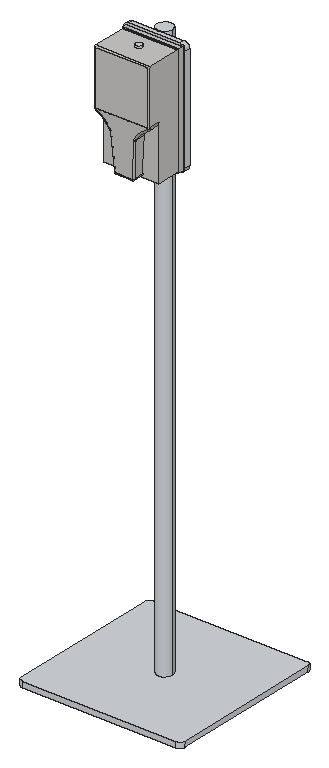
Revit family "ASI_Hand_Sanitizer_Dispenser_Stand_FS-0300", category Specialty Equipment, Revit 2020
Family settings
  Round Connector Dimension = Use Diameter
  Part Type = Normal
  Work Plane-Based = No
  Always vertical = Yes
  Cut with Voids When Loaded = No
  Shared = No
  Room Calculation Point = No
Parameters
  URL = "http://www.americanspecialties.com/viewCategories.cfm"
  Specification [instance] = "http://www.arcat.com/sdspecs/htm/10810asi.htm"
  SpecWizard [instance] = ""
  Sales Information [instance] = "https://americanspecialties.com/contact-us/"
  Product Data [instance] = "http://www.arcat.com/arcatcos/cos30/arc30448.html"
  Model = "FS-0300"
  Manufacturer Website [instance] = "http://www.americanspecialties.com/viewCategories.cfm"
  Manufacturer Phone - Toll Free [instance] = ""
  Manufacturer Phone [instance] = "914-476-9000"
  Manufacturer Fax [instance] = "914-476-0688"
  Manufacturer Email [instance] = ""
  Manufacturer Address [instance] = "441 Saw Mill River Rd., Yonkers, NY 10701"
  Manufacturer = "American Specialties, Inc."
  Installation-Fabrication [instance] = "http://www.americanspecialties.com/products.cfm"
  Green Building-LEED [instance] = ""
  Default Elevation = 0' - 0"
  Construction Details [instance] = "http://www.arcat.com/green/clients/leed_data_30448.html"
Reference planes
  plane 1 "Center (Front/Back)": y = 0
  plane 2: z = 0
  plane 3 "Center (Left/Right)": x = 0
  plane 4: y = 203.2
  plane 5: y = -203.2
  plane 6: z = 1446.609
  plane 7: x = 76.2
  plane 8: x = -76.2
  plane 9: z = 1160.859
  plane 10: y = -19.05
  plane 11: y = -31.75
Forms (mm)
  Extrusion 1, solid
    sketch origin (0, 0, 0) x (1, 0, 0) y (0, 1, 0)
      loop
        arc (-190.5, 203.2) -> (-199.48, 199.48) -> (-203.2, 190.5) r 12.7
        line (-203.2, 190.5) -> (-203.2, -190.5)
        arc (-203.2, -190.5) -> (-199.48, -199.48) -> (-190.5, -203.2) r 12.7
        line (-190.5, -203.2) -> (190.5, -203.2)
        arc (190.5, -203.2) -> (199.48, -199.48) -> (203.2, -190.5) r 12.7
        line (203.2, -190.5) -> (203.2, 190.5)
        arc (203.2, 190.5) -> (199.48, 199.48) -> (190.5, 203.2) r 12.7
        line (190.5, 203.2) -> (-190.5, 203.2)
    from 0 to 12.7
  Extrusion 2, solid
    sketch origin (0, 0, 0) x (1, 0, 0) y (0, 1, 0)
      loop
        circle (0, 0) r 19.05
    from 12.7 to 1446.609
  Extrusion 3, solid
    sketch origin (0, 0, 0) x (1, 0, 0) y (0, 0, 1)
      loop
        arc (-63.5, 1446.609) -> (-72.48, 1442.89) -> (-76.2, 1433.909) r 12.7
        line (-76.2, 1433.909) -> (-76.2, 1173.559)
        arc (-76.2, 1173.559) -> (-72.48, 1164.579) -> (-63.5, 1160.859) r 12.7
        line (-63.5, 1160.859) -> (63.5, 1160.859)
        arc (63.5, 1160.859) -> (72.48, 1164.579) -> (76.2, 1173.559) r 12.7
        line (76.2, 1173.559) -> (76.2, 1433.909)
        arc (76.2, 1433.909) -> (72.48, 1442.89) -> (63.5, 1446.609) r 12.7
        line (63.5, 1446.609) -> (-63.5, 1446.609)
      loop
        circle (-48.17, 1424.929) r 3.175
      loop
        circle (48.17, 1424.929) r 3.175
      loop
        arc (-44.995, 1272.529) -> (-48.17, 1275.704) -> (-51.345, 1272.529) r 3.175
        line (-51.345, 1272.529) -> (-51.345, 1259.829)
        arc (-51.345, 1259.829) -> (-48.17, 1256.654) -> (-44.995, 1259.829) r 3.175
        line (-44.995, 1259.829) -> (-44.995, 1272.529)
      loop
        line (44.995, 1272.529) -> (44.995, 1259.829)
        arc (44.995, 1259.829) -> (48.17, 1256.654) -> (51.345, 1259.829) r 3.175
        line (51.345, 1259.829) -> (51.345, 1272.529)
        arc (51.345, 1272.529) -> (48.17, 1275.704) -> (44.995, 1272.529) r 3.175
    from 19.05 to 31.75
Dimensions and locks
  aligned and locked: level to plane 2
  aligned and locked: plane 3 "Center (Left/Right)" to nested 1
Nested families
  nested 1: "Toilet-Acc_Soap_Dispensers_ASI_20364" at (16.724, -31.75, 1173.016) x (1, 0, 0) z (0, -1, 0), type "Toilet-Acc_Soap_Dispensers_ASI_20364"
    with Unit Width 1' - 8 177/256", Unit Height 0' - 9 99/256"
Definition of nested family "Toilet-Acc_Soap_Dispensers_ASI_20364"
  Parameters (values of type "Toilet-Acc_Soap_Dispensers_ASI_20364")
    Warranty Duration (Years) = 0
    Unit Width [instance] = 1' - 8 177/256"
    Unit Height [instance] = 0' - 9 99/256"
    Unit Depth = 0' - 0"
    URL = "http://www.americanspecialties.com/viewCategories.cfm"
    Trim Material = none
    Test Data = ""
    Specification = "http://www.arcat.com/sdspecs/htm/10810asi.htm"
    SpecWizard = ""
    Send Message = "http://www.arcat.com/users.pl?action=UserEmail&company=American%20Specialties,%20Inc.&coid=30448&rep=139&fax=914-476-0688&mf="
    Sales Information = "http://www.americanspecialties.com/contact"
    Revision = "R1_10-2010"
    Product Properties = "http://www.americanspecialties.com/datasheets/20364.pdf"
    Product Data = "http://www.arcat.com/arcatcos/cos30/arc30448.html"
    Model = "As Specified in 10 28 13"
    Manufacturer Website = "http://www.americanspecialties.com/viewCategories.cfm"
    Manufacturer Phone - Toll Free = ""
    Manufacturer Phone = "914-476-9000 "
    Manufacturer Fax = "914-476-0688"
    Manufacturer Address = "441 Saw Mill River Rd., Yonkers, NY 10701"
    Manufacturer = "American Specialties, Inc."
    Maintenance Schedule (Months) = 0
    Keynote = "10 28 13"
    Installation-Fabrication = "http://www.americanspecialties.com/products.cfm"
    Green Building-LEED = ""
    Expected Lifespan (Years) = 0
    Drawn By = "Robert S. Weygant. CSI, CDT, SCIP"  # constant formula
    Description = "Toilet Accessory as Specified in 10 28 13"
    Default Elevation = 4' - 0"
    Copyright = "©Arcat Inc."
    Construction Details = "http://www.arcat.com/green/clients/leed_data_30448.html"
    Building Codes = "http://www.americanspecialties.com/products.cfm"
    Body Material = none
    Assembly Code = "C1030210"
  Reference planes
    plane 1 "Center (Front/Back)": y = -7.394
    plane 2 "Floor Line": z = 0
    plane 3 "Center (Left/Right)": x = -16.724
  Forms (mm)
    Extrusion 1, solid
      sketch origin (-76.2, -228.6, -152.4) x (0, 0, -1) y (1, 0, 0)
        loop
          line (187.72, 660.4) -> (-152.4, 660.4) -> (-152.4, -491.417) -> (187.72, -491.417) -> (187.72, 660.4)
      from 228.6 to -650.423
    Sweep 2, solid, material <- "Body Material"
      path origin (0, 0, 0) x (1, 0, 0) y (0, 1, 0)
        loop
          line (-86.574, 268.831) -> (-86.574, -7.394) -> (53.126, -7.394) -> (53.126, 268.831) -> (-86.574, 268.831)
      profile origin (-16.724, 268.831, 0) x (0, 1, 0) y (0, 0, 1)
        loop
          line (0, 0) -> (0, 12.7) -> (-0.86, 12.7)
          arc (-0.86, 12.7) -> (-1.772, 13.078) -> (-2.15, 13.99) r 1.29
          line (-2.15, 13.99) -> (-2.15, 98.279)
          arc (-2.15, 98.279) -> (-3.123, 100.627) -> (-5.471, 101.6) r 3.321
          line (-5.471, 101.6) -> (-13.97, 101.6) -> (-13.97, 0) -> (0, 0)
    Extrusion 3, solid, material <- "Body Material"
      sketch origin (0, 0, 0) x (1, 0, 0) y (0, 1, 0)
        loop
          line (-72.604, 254.861) -> (-72.604, 6.576) -> (39.156, 6.576) -> (39.156, 254.861) -> (-72.604, 254.861)
      from 0 to 101.6
    Extrusion 4, void
      sketch origin (0, 0, 0) x (1, 0, 0) y (0, 1, 0)
        loop
          line (-107.669, 129.377) -> (-107.669, -7.394) -> (70.131, -7.394) -> (70.131, 129.377) -> (-107.669, 129.377)
      from 73.025 to 114.508
    Extrusion 5, solid, material <- "Body Material"
      sketch origin (-0.018, 4.096, -6.7) x (1, 0, 0) y (0, 0.99863, 0.052336)
        loop
          arc (-42.441, 0.65) -> (-40.452, -3.583) -> (-36.104, -5.306) r 6.35
          line (-36.104, -5.306) -> (2.691, -5.306)
          arc (2.691, -5.306) -> (7.039, -3.583) -> (9.029, 0.65) r 6.35
          line (9.029, 0.65) -> (14.59, 89.991)
          arc (14.59, 89.991) -> (29.435, 109.739) -> (49.183, 124.584) r 88.023
          arc (49.183, 124.584) -> (50.644, 127.466) -> (50.986, 130.679) r 8.948
          line (50.986, 130.679) -> (-84.399, 130.679)
          arc (-84.399, 130.679) -> (-84.057, 127.466) -> (-82.596, 124.584) r 8.948
          arc (-82.596, 124.584) -> (-62.847, 109.739) -> (-48.002, 89.991) r 88.023
          line (-48.002, 89.991) -> (-42.441, 0.65)
      from 73.025 to 101.6
    Sweep 6, void
      path origin (-0.018, -1.221, 94.761) x (1, 0, 0) y (0, 0.99863, 0.052336)
        loop
          arc (-84.399, 130.679) -> (-84.057, 127.466) -> (-82.596, 124.584) r 8.948
          arc (-82.596, 124.584) -> (-62.847, 109.739) -> (-48.002, 89.991) r 88.023
          line (-48.002, 89.991) -> (-42.441, 0.65)
          arc (-42.441, 0.65) -> (-40.452, -3.583) -> (-36.104, -5.306) r 6.35
          line (-36.104, -5.306) -> (2.691, -5.306)
          arc (2.691, -5.306) -> (7.039, -3.583) -> (9.029, 0.65) r 6.35
          line (9.029, 0.65) -> (14.59, 89.991)
          arc (14.59, 89.991) -> (29.435, 109.739) -> (49.183, 124.584) r 88.023
          arc (49.183, 124.584) -> (50.644, 127.466) -> (50.986, 130.679) r 8.948
      profile origin (-16.724, -6.52, 94.483) x (0, 0.99863, 0.052336) y (0, -0.052336, 0.99863)
        loop
          line (0, 0) -> (0, -3.321)
          arc (0, -3.321) -> (0.973, -0.973) -> (3.321, 0) r 3.321
          line (3.321, 0) -> (0, 0)
    Extrusion 7, solid
      sketch origin (-84.424, 266.681, 98.279) x (1, 0, 0) y (0, 0, -1)
        loop
          circle (67.764, 49.757) r 7.938
      from 0 to 3.175
  Cuts and joins
    Extrusion 4 cuts Sweep 2
    Extrusion 4 cuts Extrusion 3
    joined: Sweep 2, Extrusion 3
    Sweep 6 cuts Extrusion 5
  Dimensions and locks
    aligned and locked: Extrusion 1 to level
